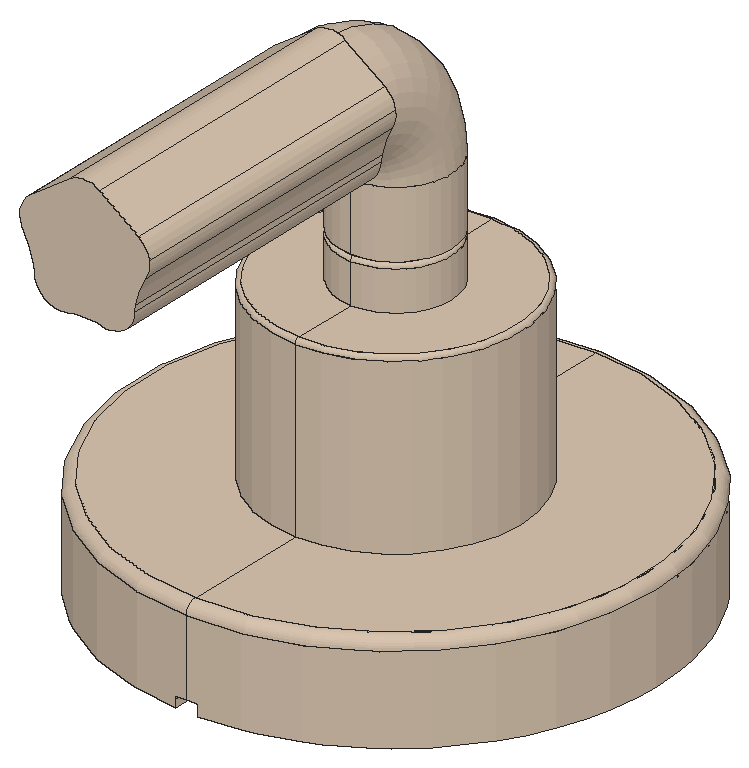
Revit family "Shower-Valve_Trim-KALLISTA-One-P32416", category Specialty Equipment, host Face, Revit 2021
Family settings
  Host = Face
  Round Connector Dimension = Use Diameter
  Part Type = Normal
  OmniClass Number = 23.31.25.00
  OmniClass Title = Toilet and Bath Specialties
  Cut with Voids When Loaded = No
  Shared = No
  Room Calculation Point = No
Parameters (values of type "BAF-Brushed French Gold")
  Width = 3.75197"  # constant formula
  WaterSense Certified = 1 = 0  # no
  URL = "https://www.kallista.com/"
  Type = 3
  Product Page URL = ""
  Product Name = "One"  # constant formula
  Product Documentation Link = ""
  Model = if(Type = 1, "P32416-LV-CP", if(Type = 2, "P32416-LV-SN", if(Type = 3, "P32416-LV-BAF", if(Type = 4, "P32416-LV-BL", if(Type = 5, "P32416-LV-BN", "NA")))))  # "P32416-LV-BAF"
  Material = "Premium Metal Construction"  # constant formula
  Master Format 2014 Name = "Toilet, Bath, and Laundry Accessories"  # constant formula
  Master Format 2014 = "10 28 00"  # constant formula
  Manufacturer Address = "444 Highland Dr, Kohler, WI 53044"  # constant formula
  Manufacturer = "Kallista Co."  # constant formula
  Length = 3.82677"  # constant formula
  Height = 4.66339"  # constant formula
  Handle Clearance = 2.7874"  # constant formula
  Finish = Kallista-Metal-BAF-Brushed_French_Gold
  Environmental Product Declaration = ""
  Description = "FP5 Volume Control"  # constant formula
  Default Elevation = 42"
  Declare Label = ""
  Date Modified = "03/27/2023"  # constant formula
  Date Created = "03/27/2023"  # constant formula
  Copyright = "Copyright Kallista Co."  # constant formula
  Contact Us = "https://www.kallista.com/corporate/contact-us/"
  Assembly Code = "C1030200"
  ADA Compliant = 1 = 0  # no
Types (6): name | Type | Model | Finish
  (no name) | 3 | "P32416-LV-BAF" | Kallista-Metal-BAF-Brushed_French_Gold
  CP-Chrome | 1 | "P32416-LV-CP" | Kallista-Metal-CP-Chrome
  SN-Polished Nickel | 2 | "P32416-LV-SN" | Kallista-Metal-SN-Polished_Nickel
  BAF-Brushed French Gold | 3 | "P32416-LV-BAF" | Kallista-Metal-BAF-Brushed_French_Gold
  BL-Matte Black | 4 | "P32416-LV-BL" | Kalista-Metal-BL-Matte_Black
  BN-Brushed Nickel | 5 | "P32416-LV-BN" | Kallista-Metal-BN-Brushed_Nickel
Reference planes (in)
  plane 1 "Center (Front/Back)": y = 0
  plane 2: z = 0
  plane 3 "Center (Left/Right)": x = 0
  plane 4: x = 1.87598
  plane 5: y = -1.87598
  plane 6: x = 0.40157
  plane 7: x = -0.89961
  plane 8: x = 0.89961
  plane 9: y = 0.89961
  plane 10: y = -0.89961
  plane 11: x = -0.40157
  plane 12: x = -0.45276
  plane 13: x = 0.45276
  plane 14: z = 0.70079
  plane 15: y = 0.40094
  plane 16: y = -0.40221
  plane 17: y = -2.7874
  plane 18: z = 3.82677
  plane 19: z = 2.92126
  plane 20: z = 3.37402
  plane 21: y = 1.87598
  plane 22: x = -1.87598
Dimensions and locks (in)
  plane 9 to plane 10 = 1.79921"  (x2)
  plane 7 to plane 8 = 1.79921"  (x3)
  plane 12 to plane 13 = 0.90551"
  plane 13 to plane 11 = 0.85433"
  plane 14 to level = 0.70079"
  level to plane 14 = 0.70079"  (x2)
  plane 13 to plane 12 = 0.90551"
  "Length": plane 18 to level
  "Handle Clearance": plane 1 "Center (Front/Back)" to plane 17
  plane 19 to plane 18 = 0.90551"
  plane 20 to level = 3.37402"  (x2)
  level to plane 18 = 3.82677"
  plane 16 to plane 15 = 0.80315"
  "Height": plane 21 to plane 17
  "Width": plane 22 to plane 4
  aligned and locked: plane 2 to host face
  aligned and locked: level to host face
  aligned and locked: plane 1 "Center (Front/Back)" to nested 1
  aligned and locked: plane 3 "Center (Left/Right)" to nested 1
  aligned and locked: plane 22 to nested 1
Automatic sketch dimensions
  host sketch curve to host sketch curve = 96"  (x2)
Nested families (in)
  nested 1: "P32416" at (0, 0, 0), type "P32416"
Definition of nested family "P32416"
  Parameters
    Material = none
    Default Elevation = 0"
  Reference planes (in)
    plane 1 "Center (Front/Back)": y = 0
    plane 2: z = 0
    plane 3 "Center (Left/Right)": x = 0
    plane 4: x = 1.87598
    plane 5: x = -1.87598
    plane 6: y = -1.87598
    plane 7: y = 1.87598
    plane 8: x = 0.40157
    plane 9: x = -0.40157
    plane 10: z = 0.70079
    plane 11: x = 0.89961
    plane 12: x = -0.89961
    plane 13: z = 3.82677
    plane 14: y = -2.7874
    plane 15: y = 0.89961
    plane 16: y = -0.89961
    plane 17: z = 1.97
    plane 18: x = 0.45276
    plane 19: x = -0.45276
    plane 20: z = 2.92126
    plane 21: x = 0.40157
  Forms (in)
    Revolve 1, solid, material <- "Material", detail levels medium+fine
      sketch origin (0, 0, 0) x (0, 1, 0) y (0, 0, 1)
        loop
          arc (1.87598, 0.62051) -> (1.85247, 0.67727) -> (1.79571, 0.70079) r 0.08028
          line (1.79571, 0.70079) -> (0.89961, 0.70079) -> (0.89961, 1.93815)
          arc (0.89961, 1.93815) -> (0.89028, 1.96067) -> (0.86775, 1.97) r 0.03185
          line (0.86775, 1.97) -> (0.40157, 1.97) -> (0.40157, 2.25323)
          arc (0.40157, 2.25323) -> (0.39374, 2.27216) -> (0.37481, 2.28) r 0.02677
          line (0.37481, 2.28) -> (0, 2.28) -> (0, 0) -> (1.87598, 0) -> (1.87598, 0.62051)
        axis (0, 2.28) -> (0, 0)
      angle from 0 to 360
    Sweep 2, solid, material <- "Material", detail levels medium+fine
      path origin (0, 0, 0) x (0, 1, 0) y (0, 0, 1)
        loop
          arc (-0.5941, 3.37402) -> (-0.17401, 3.20001) -> (0, 2.77992) r 0.5941
          line (0, 2.77992) -> (0, 2.3)
      profile origin (0, 0, 2.53996) x (1, 0, 0) y (0, 1, 0)
        loop
          circle (0, 0) r 0.40157
    Sweep 3, solid, material <- "Material", detail levels medium+fine
      path origin (0, 0, 0) x (0, 1, 0) y (0, 0, 1)
        loop
          line (-0.58572, 3.82677) -> (-2.7874, 3.82677)
      profile origin (0, -1.68656, 3.82677) x (0, 0, -1) y (1, 0, 0)
        loop
          arc (0.03441, -0.10748) -> (0.13521, -0.24694) -> (0.23423, -0.38767) r 13.59034
          arc (0.23423, -0.38767) -> (0.28875, -0.4393) -> (0.35938, -0.4648) r 0.18371
          arc (0.35938, -0.4648) -> (0.42466, -0.46312) -> (0.48581, -0.44022) r 0.19718
          arc (0.48581, -0.44022) -> (0.57831, -0.39598) -> (0.6766, -0.36678) r 0.65271
          arc (0.6766, -0.36678) -> (0.70138, -0.36271) -> (0.72643, -0.36102) r 0.26356
          arc (0.72643, -0.36102) -> (0.81903, -0.33288) -> (0.88321, -0.26044) r 0.17795
          arc (0.88321, -0.26044) -> (0.89862, -0.21849) -> (0.90559, -0.17434) r 0.22926
          arc (0.90559, -0.17434) -> (0.90457, -0.14725) -> (0.89837, -0.12085) r 0.14044
          arc (0.89837, -0.12085) -> (0.88772, -0.0742) -> (0.88687, -0.02636) r 0.23203
          arc (0.88687, -0.02636) -> (0.88941, 0.01429) -> (0.89008, 0.05502) r 0.88574
          arc (0.89008, 0.05502) -> (0.89249, 0.09109) -> (0.90013, 0.12642) r 0.24729
          arc (0.90013, 0.12642) -> (0.90494, 0.15014) -> (0.90559, 0.17434) r 0.14044
          arc (0.90559, 0.17434) -> (0.89862, 0.21849) -> (0.88321, 0.26044) r 0.22926
          arc (0.88321, 0.26044) -> (0.81903, 0.33288) -> (0.72643, 0.36102) r 0.17795
          arc (0.72643, 0.36102) -> (0.70138, 0.36271) -> (0.6766, 0.36678) r 0.26356
          arc (0.6766, 0.36678) -> (0.57831, 0.39598) -> (0.48581, 0.44022) r 0.65271
          arc (0.48581, 0.44022) -> (0.42466, 0.46312) -> (0.35938, 0.4648) r 0.19718
          arc (0.35938, 0.4648) -> (0.28875, 0.4393) -> (0.23423, 0.38767) r 0.18371
          arc (0.23423, 0.38767) -> (0.13521, 0.24694) -> (0.03441, 0.10748) r 13.59034
          arc (0.03441, 0.10748) -> (-0.00074, 0) -> (0.03441, -0.10748) r 0.18189
    Extrusion 4, void
      sketch origin (0, 0, 0) x (1, 0, 0) y (0, 0, 1)
        loop
          line (-0.08, -0.03332) -> (0.08, -0.03332) -> (0.08, 0.05942)
          arc (0.08, 0.05942) -> (0.07423, 0.07334) -> (0.06031, 0.07911) r 0.01969
          line (0.06031, 0.07911) -> (-0.06031, 0.07911)
          arc (-0.06031, 0.07911) -> (-0.07423, 0.07334) -> (-0.08, 0.05942) r 0.01969
          line (-0.08, 0.05942) -> (-0.08, -0.03332)
      from 1.75723 to 2.02768
    Revolve 5, solid, material <- "Material", detail levels coarse
      sketch origin (0, 0, 0) x (0, 1, 0) y (0, 0, 1)
        loop
          line (1.87428, 0) -> (1.87428, 0.62893)
          arc (1.87428, 0.62893) -> (1.85323, 0.67974) -> (1.80242, 0.70079) r 0.07186
          line (1.80242, 0.70079) -> (0.89961, 0.70079) -> (0.89961, 1.9356)
          arc (0.89961, 1.9356) -> (0.88953, 1.95992) -> (0.86521, 1.97) r 0.0344
          line (0.86521, 1.97) -> (0.40157, 1.97) -> (0.40157, 2.27989) -> (0, 2.27989) -> (0, 0) -> (1.87428, 0)
        axis (0, 2.27989) -> (0, 0)
      angle from 0 to 360
    Sweep 6, solid, material <- "Material", detail levels coarse
      path origin (0, 0, 0) x (0, 1, 0) y (0, 0, 1)
        loop
          line (0, 2.3) -> (0, 2.84358)
          arc (0, 2.84358) -> (-0.14568, 3.19528) -> (-0.49738, 3.34096) r 0.49738
          line (-0.49738, 3.34096) -> (-0.58572, 3.34096)
      profile origin (0, 0, 2.57179) x (0, -1, 0) y (1, 0, 0)
        loop
          circle (0, 0) r 0.40157
    Revolve 7, solid, detail levels coarse
      sketch origin (0, 0, 0) x (0, 1, 0) y (0, 0, 1)
        loop
          line (0.29998, 2.28) -> (0.29998, 2.31183) -> (0, 2.31183) -> (0, 2.28) -> (0.29998, 2.28)
        axis (0, 2.31183) -> (0, 2.27246)
      angle from 0 to 360
    Revolve 8, solid, detail levels medium+fine
      sketch origin (0, 0, 0) x (0, 1, 0) y (0, 0, 1)
        loop
          line (0.3, 2.28) -> (0.3, 2.31111) -> (0, 2.31111) -> (0, 2.28) -> (0.3, 2.28)
        axis (0, 2.31111) -> (0, 2.27174)
      angle from 0 to 360
    Extrusion 9, solid, material <- "Material", detail levels coarse
      sketch origin (0, 0, 0) x (1, 0, 0) y (0, 0, 1)
        loop
          circle (0.00008, 3.35547) r 0.47244
      from 0.58572 to 2.7874
  Cuts and joins
    Extrusion 4 cuts Revolve 1
    joined: Revolve 1, Sweep 2, Sweep 3
  Lines and regions (in)
    Masking region 1
      outline origin (0, 0, 0) x (1, 0, 0) y (0, 1, 0)
        loop
          arc (0.43307, -2.7874) -> (0.44699, -2.78164) -> (0.45276, -2.76772) r 0.01969
          line (0.45276, -2.76772) -> (0.45276, -1.81952)
          arc (0.45276, -1.81952) -> (0, 1.877) -> (-0.45276, -1.81952) r 1.87598
          line (-0.45276, -1.81952) -> (-0.45276, -2.76772)
          arc (-0.45276, -2.76772) -> (-0.44699, -2.78164) -> (-0.43307, -2.7874) r 0.01969
          line (-0.43307, -2.7874) -> (0.43307, -2.7874)
    Masking region 2
      outline origin (0, 0, 0) x (1, 0, 0) y (0, 0, 1)
        loop
          line (1.87598, 0) -> (1.86398, 0.63143)
          arc (1.86398, 0.63143) -> (1.8428, 0.68055) -> (1.79329, 0.70079) r 0.07071
          line (1.79329, 0.70079) -> (0.89961, 0.70079) -> (0.89961, 1.94121)
          arc (0.89961, 1.94121) -> (0.89117, 1.96157) -> (0.87082, 1.97) r 0.02879
          line (0.87082, 1.97) -> (0.40157, 1.97) -> (0.40157, 2.24997)
          arc (0.40157, 2.24997) -> (0.39374, 2.26887) -> (0.37484, 2.2767) r 0.02673
          line (0.37484, 2.2767) -> (0.32813, 2.2767) -> (0.27955, 2.29962) -> (0.38194, 2.29962)
          arc (0.38194, 2.29962) -> (0.39582, 2.30537) -> (0.40157, 2.31925) r 0.01963
          line (0.40157, 2.31925) -> (0.40157, 3.26218)
          arc (0.40157, 3.26218) -> (0.40757, 3.2802) -> (0.41629, 3.29707) r 0.12195
          arc (0.41629, 3.29707) -> (0.45293, 3.43977) -> (0.40157, 3.57785) r 0.24633
          arc (0.40157, 3.57785) -> (0.3777, 3.59786) -> (0.34948, 3.61104) r 0.11977
          arc (0.34948, 3.61104) -> (0.31046, 3.62726) -> (0.27487, 3.65003) r 0.24153
          arc (0.27487, 3.65003) -> (0.24295, 3.67359) -> (0.21007, 3.6958) r 0.94954
          arc (0.21007, 3.6958) -> (0.18817, 3.71345) -> (0.17043, 3.73528) r 0.13405
          arc (0.17043, 3.73528) -> (-0.00147, 3.82675) -> (-0.17043, 3.72995) r 0.20136
          arc (-0.17043, 3.72995) -> (-0.18755, 3.70974) -> (-0.21007, 3.6958) r 0.08473
          arc (-0.21007, 3.6958) -> (-0.24295, 3.67359) -> (-0.27487, 3.65003) r 0.94954
          arc (-0.27487, 3.65003) -> (-0.31046, 3.62726) -> (-0.34948, 3.61104) r 0.24153
          arc (-0.34948, 3.61104) -> (-0.3777, 3.59786) -> (-0.40157, 3.57785) r 0.11977
          arc (-0.40157, 3.57785) -> (-0.45293, 3.43977) -> (-0.41629, 3.29707) r 0.24633
          arc (-0.41629, 3.29707) -> (-0.40757, 3.2802) -> (-0.40157, 3.26218) r 0.12195
          line (-0.40157, 3.26218) -> (-0.40157, 2.3193)
          arc (-0.40157, 2.3193) -> (-0.39581, 2.30538) -> (-0.38189, 2.29962) r 0.01969
          line (-0.38189, 2.29962) -> (-0.27955, 2.29962) -> (-0.32813, 2.2767) -> (-0.37705, 2.2767)
          arc (-0.37705, 2.2767) -> (-0.39439, 2.26952) -> (-0.40157, 2.25218) r 0.02452
          line (-0.40157, 2.25218) -> (-0.40157, 1.97) -> (-0.87082, 1.97)
          arc (-0.87082, 1.97) -> (-0.89117, 1.96157) -> (-0.89961, 1.94121) r 0.02879
          line (-0.89961, 1.94121) -> (-0.89961, 0.70079) -> (-1.79329, 0.70079)
          arc (-1.79329, 0.70079) -> (-1.8428, 0.68055) -> (-1.86398, 0.63143) r 0.07071
          line (-1.86398, 0.63143) -> (-1.87599, 0) -> (1.87598, 0)
    Masking region 3
      outline origin (0, 0, 0) x (0, 1, 0) y (0, 0, 1)
        loop
          line (1.87599, 0) -> (1.86335, 0.63132)
          arc (1.86335, 0.63132) -> (1.84221, 0.68051) -> (1.79265, 0.70079) r 0.07071
          line (1.79265, 0.70079) -> (0.89961, 0.70079) -> (0.89961, 1.94121)
          arc (0.89961, 1.94121) -> (0.89117, 1.96157) -> (0.87082, 1.97) r 0.02879
          line (0.87082, 1.97) -> (0.40094, 1.97) -> (0.40094, 2.24997)
          arc (0.40094, 2.24997) -> (0.39311, 2.26887) -> (0.37421, 2.2767) r 0.02673
          line (0.37421, 2.2767) -> (0.32749, 2.2767) -> (0.27892, 2.29962) -> (0.38131, 2.29962)
          arc (0.38131, 2.29962) -> (0.39519, 2.30537) -> (0.40094, 2.31925) r 0.01963
          line (0.40094, 2.31925) -> (0.40094, 2.75613)
          arc (0.40094, 2.75613) -> (0.1216, 3.44617) -> (-0.5591, 3.74757) r 0.99195
          arc (-0.5591, 3.74757) -> (-0.57772, 3.74038) -> (-0.58551, 3.722) r 0.02559
          line (-0.58551, 3.722) -> (-0.58551, 3.80118)
          arc (-0.58551, 3.80118) -> (-0.59301, 3.81928) -> (-0.6111, 3.82677) r 0.02559
          line (-0.6111, 3.82677) -> (-2.76181, 3.82677)
          arc (-2.76181, 3.82677) -> (-2.77991, 3.81928) -> (-2.7874, 3.80118) r 0.02559
          line (-2.7874, 3.80118) -> (-2.7874, 2.94685)
          arc (-2.7874, 2.94685) -> (-2.77991, 2.92876) -> (-2.76181, 2.92126) r 0.02559
          line (-2.76181, 2.92126) -> (-0.61094, 2.92126)
          arc (-0.61094, 2.92126) -> (-0.59296, 2.92871) -> (-0.58551, 2.94669) r 0.02543
          line (-0.58551, 2.94669) -> (-0.58551, 2.98032)
          arc (-0.58551, 2.98032) -> (-0.57964, 2.95879) -> (-0.56366, 2.94321) r 0.04244
          arc (-0.56366, 2.94321) -> (-0.44815, 2.87969) -> (-0.40221, 2.75613) r 0.18911
          line (-0.40221, 2.75613) -> (-0.40221, 2.3193)
          arc (-0.40221, 2.3193) -> (-0.39644, 2.30538) -> (-0.38253, 2.29962) r 0.01969
          line (-0.38253, 2.29962) -> (-0.28019, 2.29962) -> (-0.32876, 2.2767) -> (-0.37769, 2.2767)
          arc (-0.37769, 2.2767) -> (-0.39503, 2.26952) -> (-0.40221, 2.25218) r 0.02452
          line (-0.40221, 2.25218) -> (-0.40221, 1.97) -> (-0.87082, 1.97)
          arc (-0.87082, 1.97) -> (-0.89117, 1.96157) -> (-0.89961, 1.94121) r 0.02879
          line (-0.89961, 1.94121) -> (-0.89961, 0.70079) -> (-1.79392, 0.70079)
          arc (-1.79392, 0.70079) -> (-1.84347, 0.68053) -> (-1.86461, 0.63136) r 0.07071
          line (-1.86461, 0.63136) -> (-1.87598, 0) -> (1.87599, 0)
    symbolic lines, detail levels medium+fine
      curve 1: line (-0.45276, -0.60541, 0) -> (-0.45276, -1.81952, 0)
      curve 2: line (0.45276, -0.60541, 0) -> (0.45276, -1.81952, 0)
      curve 3: line (-0.43307, -0.58572, 0) -> (0.43307, -0.58572, 0)
      curve 4: line (-0.40157, 0.00406, 0) -> (-0.40157, -0.56473, 0)
      curve 5: line (0.40157, 0.00406, 0) -> (0.40157, -0.56473, 0)
      curve 6: arc (0.40157, 0.00406, 0) -> (0, 0.40563, 0) -> (-0.40157, 0.00406, 0) r 0.40157
      curve 7: arc (-0.43307, -0.58572, 0) -> (-0.44699, -0.59149, 0) -> (-0.45276, -0.60541, 0) r 0.01969
      curve 8: arc (0.43307, -0.58572, 0) -> (0.44699, -0.59149, 0) -> (0.45276, -0.60541, 0) r 0.01969
      curve 9: line (0.45276, -2.76772, 0) -> (-0.45276, -2.76772, 0)
      curve 10: arc (0.45276, -0.74075, 0) -> (0, 0.86816, 0) -> (-0.45276, -0.74075, 0) r 0.86816
      curve 11: arc (0.45276, -0.77737, 0) -> (0, 0.89961, 0) -> (-0.45276, -0.77737, 0) r 0.89961
      curve 12: line (-0.45276, -0.61663, 0) -> (0.45276, -0.61663, 0)
      curve 13: line (-0.40157, -0.56473, 0) -> (0.40157, -0.56473, 0)
      curve 14: arc (0.40157, -0.56473, 0) -> (0.39073, -0.58115, 0) -> (0.37159, -0.58572, 0) r 0.02678
      curve 15: arc (-0.40157, -0.56473, 0) -> (-0.39073, -0.58115, 0) -> (-0.37159, -0.58572, 0) r 0.02678
      curve 16: arc (0.45276, -1.78656, 0) -> (0, 1.84304, 0) -> (-0.45276, -1.78656, 0) r 1.84304
      curve 17: line (-0.43654, -0.61663, 0) -> (-0.43654, -2.76772, 0)
      curve 18: line (-0.40946, -2.76772, 0) -> (-0.40946, -0.61663, 0)
      curve 19: line (-0.37625, -2.76772, 0) -> (-0.37625, -0.61663, 0)
      curve 20: line (-0.33945, -2.76772, 0) -> (-0.33945, -0.61663, 0)
      curve 21: line (-0.30901, -2.76772, 0) -> (-0.30901, -0.61663, 0)
      curve 22: line (-0.27919, -2.76772, 0) -> (-0.27919, -0.61663, 0)
      curve 23: line (-0.25248, -2.76772, 0) -> (-0.25248, -0.61663, 0)
      curve 24: line (-0.2413, -2.76772, 0) -> (-0.2413, -0.61663, 0)
      curve 25: line (-0.23074, -2.76772, 0) -> (-0.23074, -0.61663, 0)
      curve 26: line (-0.22017, -2.76772, 0) -> (-0.22017, -0.61663, 0)
      curve 27: line (-0.19346, -2.76772, 0) -> (-0.19346, -0.61663, 0)
      curve 28: line (-0.16799, -2.76772, 0) -> (-0.16799, -0.61663, 0)
      curve 29: line (-0.11806, -2.76772, 0) -> (-0.11806, -0.61663, 0)
      curve 30: line (-0.08261, -2.76772, 0) -> (-0.08261, -0.61663, 0)
      curve 31: line (-0.04135, -2.76772, 0) -> (-0.04135, -0.61663, 0)
      curve 32: line (0.43654, -0.61663, 0) -> (0.43654, -2.76772, 0)
      curve 33: line (0.40946, -2.76772, 0) -> (0.40946, -0.61663, 0)
      curve 34: line (0.37625, -2.76772, 0) -> (0.37625, -0.61663, 0)
      curve 35: line (0.33945, -2.76772, 0) -> (0.33945, -0.61663, 0)
      curve 36: line (0.30901, -2.76772, 0) -> (0.30901, -0.61663, 0)
      curve 37: line (0.27919, -2.76772, 0) -> (0.27919, -0.61663, 0)
      curve 38: line (0.25248, -2.76772, 0) -> (0.25248, -0.61663, 0)
      curve 39: line (0.2413, -2.76772, 0) -> (0.2413, -0.61663, 0)
      curve 40: line (0.23074, -2.76772, 0) -> (0.23074, -0.61663, 0)
      curve 41: line (0.22017, -2.76772, 0) -> (0.22017, -0.61663, 0)
      curve 42: line (0.19346, -2.76772, 0) -> (0.19346, -0.61663, 0)
      curve 43: line (0.16799, -2.76772, 0) -> (0.16799, -0.61663, 0)
      curve 44: line (0.11806, -2.76772, 0) -> (0.11806, -0.61663, 0)
      curve 45: line (0.08261, -2.76772, 0) -> (0.08261, -0.61663, 0)
      curve 46: line (0.04135, -2.76772, 0) -> (0.04135, -0.61663, 0)
      curve 47: arc (0.38653, 0, 3.56513) -> (0.43319, 0, 3.44025) -> (0.40157, 0, 3.31075) r 0.22664
      curve 48: arc (0.34354, 0, 3.59227) -> (0.36679, 0, 3.58147) -> (0.38653, 0, 3.56513) r 0.10009
      curve 49: arc (0.30644, 0, 3.60722) -> (0.32471, 0, 3.59903) -> (0.34354, 0, 3.59227) r 0.26122
      curve 50: arc (0.16156, 0, 3.7117) -> (0.00132, 0, 3.80709) -> (-0.15854, 0, 3.71106) r 0.18168
      curve 51: arc (-0.30644, 0, 3.60722) -> (-0.32471, 0, 3.59903) -> (-0.34354, 0, 3.59227) r 0.26122
      curve 52: arc (-0.34354, 0, 3.59227) -> (-0.36679, 0, 3.58147) -> (-0.38653, 0, 3.56513) r 0.10009
      curve 53: arc (-0.38653, 0, 3.56513) -> (-0.43319, 0, 3.44025) -> (-0.40157, 0, 3.31075) r 0.22664
      curve 54: arc (0.16156, 0, 3.7117) -> (0.00144, 0, 3.74757) -> (-0.15854, 0, 3.71106) r 0.37201
      curve 55: arc (0.40157, 0, 3.39437) -> (0.37175, 0, 3.50872) -> (0.30644, 0, 3.60722) r 0.35939
      curve 56: arc (-0.40157, 0, 3.39437) -> (-0.37175, 0, 3.50872) -> (-0.30644, 0, 3.60722) r 0.35939
      curve 57: line (0.40157, 0, 3.39437) -> (0.40157, 0, 3.26218)
      curve 58: line (-0.40157, 0, 3.39437) -> (-0.40157, 0, 3.26218)
      curve 59: line (0.38194, 0, 2.29962) -> (-0.38189, 0, 2.29962)
      curve 60: line (0.32813, 0, 2.2767) -> (0.27955, 0, 2.29962)
      curve 61: line (-0.32813, 0, 2.2767) -> (-0.27955, 0, 2.29962)
      curve 62: line (-1.86398, 0, 0.63132) -> (1.86398, 0, 0.63132)
      curve 63: line (0.89961, 0, 0.70079) -> (-0.89961, 0, 0.70079)
      curve 64: line (0.89961, 0, 1.94121) -> (-0.89961, 0, 1.94121)
      curve 65: line (0.40157, 0, 1.97) -> (-0.40157, 0, 1.97)
      curve 66: line (0.40157, 0, 2.24997) -> (-0.40157, 0, 2.25218)
      curve 67: line (0.40157, 0, 2.31925) -> (-0.40157, 0, 2.3193)
      curve 68: line (0.40157, 0, 2.74874) -> (-0.40157, 0, 2.74874)
      curve 69: line (0.32813, 0, 2.2767) -> (-0.32813, 0, 2.2767)
      curve 70: arc (-0.15854, 0, 3.71106) -> (-0.23791, 0, 3.66686) -> (-0.30644, 0, 3.60722) r 0.43756
      curve 71: arc (0.30644, 0, 3.60722) -> (0.23912, 0, 3.66656) -> (0.16156, 0, 3.7117) r 0.46008
      curve 72: line (0, -0.61109, 3.82677) -> (0, -0.61109, 3.79804)
      curve 73: line (0, -2.76181, 3.82677) -> (0, -2.76181, 2.92126)
      curve 74: line (0, -0.40221, 2.75613) -> (0, 0.40094, 2.75613)
      curve 75: line (0, 0.27892, 2.29962) -> (0, -0.28019, 2.29962)
      curve 76: line (0, 0.32749, 2.2767) -> (0, -0.32876, 2.2767)
      curve 77: line (0, -0.40221, 2.25218) -> (0, 0.40094, 2.24997)
      curve 78: line (0, 0.40094, 2.31925) -> (0, -0.40221, 2.3193)
      curve 79: line (0, 0.89961, 1.94121) -> (0, -0.89961, 1.94121)
      curve 80: line (0, 0.40094, 1.97) -> (0, -0.40221, 1.97)
      curve 81: line (0, 0.89897, 0.70079) -> (0, -0.90024, 0.70079)
      curve 82: line (0, -1.86462, 0.63132) -> (0, 1.86335, 0.63132)
      curve 83: line (0, -0.61109, 3.79804) -> (0, -2.76181, 3.79804)
      curve 84: line (0, -0.61108, 3.75559) -> (0, -2.76181, 3.75559)
      curve 85: line (0, -0.61108, 3.72985) -> (0, -2.76181, 3.72985)
      curve 86: line (0, -0.61107, 3.70725) -> (0, -2.76181, 3.70725)
      curve 87: line (0, -0.61107, 3.68591) -> (0, -2.76181, 3.68591)
      curve 88: line (0, -0.61107, 3.6721) -> (0, -2.76181, 3.6721)
      curve 89: line (0, -0.61106, 3.66331) -> (0, -2.76181, 3.66331)
      curve 90: line (0, -0.61106, 3.6269) -> (0, -2.76181, 3.6269)
      curve 91: line (0, -0.61106, 3.61689) -> (0, -2.76181, 3.61689)
      curve 92: line (0, -0.61105, 3.60533) -> (0, -2.76181, 3.60533)
      curve 93: line (0, -0.61105, 3.59873) -> (0, -2.76181, 3.59873)
      curve 94: line (0, -0.61105, 3.56993) -> (0, -2.76181, 3.56993)
      curve 95: line (0, -0.61104, 3.53791) -> (0, -2.76181, 3.53791)
      curve 96: line (0, -0.61103, 3.48771) -> (0, -2.76181, 3.48771)
      curve 97: line (0, -0.61103, 3.44856) -> (0, -2.76181, 3.44856)
      curve 98: line (0, -0.61102, 3.40559) -> (0, -2.76181, 3.40559)
      curve 99: line (0, -2.76181, 3.37402) -> (0, -0.61101, 3.37402)
      curve 100: line (0, -0.61094, 2.97244) -> (0, -2.76181, 2.97244)
      curve 101: line (0, -0.61094, 2.94999) -> (0, -2.76181, 2.94999)
      curve 102: line (0, -0.61094, 2.99244) -> (0, -2.76181, 2.99244)
      curve 103: line (0, -0.61095, 3.01818) -> (0, -2.76181, 3.01818)
      curve 104: line (0, -0.61095, 3.04078) -> (0, -2.76181, 3.04078)
      curve 105: line (0, -0.61096, 3.06212) -> (0, -2.76181, 3.06212)
      curve 106: line (0, -0.61096, 3.07593) -> (0, -2.76181, 3.07593)
      curve 107: line (0, -0.61096, 3.08472) -> (0, -2.76181, 3.08472)
      curve 108: line (0, -0.61097, 3.12114) -> (0, -2.76181, 3.12114)
      curve 109: line (0, -0.61097, 3.13114) -> (0, -2.76181, 3.13114)
      curve 110: line (0, -0.61097, 3.1427) -> (0, -2.76181, 3.1427)
      curve 111: line (0, -0.61097, 3.1493) -> (0, -2.76181, 3.1493)
      curve 112: line (0, -0.61098, 3.1781) -> (0, -2.76181, 3.1781)
      curve 113: line (0, -0.61098, 3.21012) -> (0, -2.76181, 3.21012)
      curve 114: line (0, -0.61099, 3.26032) -> (0, -2.76181, 3.26032)
      curve 115: line (0, -0.611, 3.29947) -> (0, -2.76181, 3.29947)
      curve 116: line (0, -0.61101, 3.34244) -> (0, -2.76181, 3.34244)
      curve 117: line (0, -0.5591, 3.74757) -> (0, -0.5591, 2.94247)
      curve 118: line (0, -0.58551, 3.77559) -> (0, -0.58551, 2.97244)
      curve 119: line (0, -0.61109, 3.77559) -> (0, -2.76181, 3.77559)
      curve 120: line (0, -0.61108, 3.77559) -> (0, -0.61094, 2.97244)
      curve 121: line (0, -0.61109, 3.79804) -> (0, -0.61109, 3.77559)
      curve 122: line (0, -0.61094, 2.97244) -> (0, -0.61094, 2.94999)
      curve 123: line (0, -0.61094, 2.94999) -> (0, -0.61094, 2.92126)
  Dimensions and locks (in)
    plane 14 to plane 7 = 4.66339"
    plane 5 to plane 4 = 3.75197"
    plane 9 to plane 8 = 0.80315"
    plane 8 to plane 9 = 0.80315"
    plane 13 to level = 3.82677"
    plane 10 to level = 0.70079"
    plane 11 to plane 12 = 1.79921"
    aligned and locked: plane 2 to level
